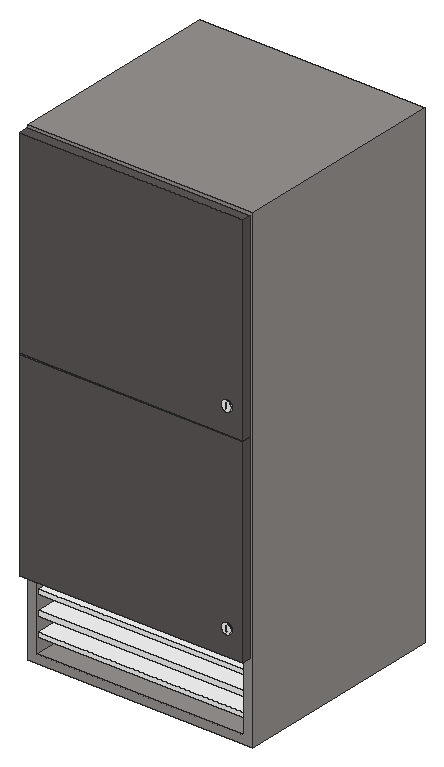
Revit family "Storage-Mounted-Teknion-BCHL_Cubic-with_Solid_Doors-High_Secondary-R2015", category Furniture, Revit 2015
Parameters (values of type "18"d x 18"w x 66"h")
  Warranty = "http://www.teknion.com/ca/papers/legal-canada"
  Unit Weight URL = "http://www.teknion.com/ca/tools/assets#&asset=bee6a381-b954-425e-8283-5a2de3a804f2,f828d448-4b62-4231-9e5f-9a8991c0ed77"
  URL = "www.teknion.com"
  Tray Offset [instance] = if(Height = 66.000", 1.526", 2.046")  # 1.526"
  Sustainability Data = "http://www.teknion.com/ca/tools/assets#&topic=216f99a5-57a0-44fc-b10a-9dee9b29ae4c&asset=444deb64-fe58-4b68-981e-f75e97781df7"
  Shelf Vertical Offset [instance] = if(Height = 66.000", 15.780", 17.858")  # 15.780"
  Shelf Finish [instance] = Mica - Teknion - V - Satin - Very White
  Series = "Expansion Casegoods"  # constant formula
  Semi-Opened [instance] = not(Fully Enclosed)  # no
  Second Lock Visibility [instance] = not([Semi-Opened])  # yes
  Second Drawer Visibility [instance] = not([Semi-Opened])  # yes
  Second Drawer Cut Hole Depth [instance] = if([Semi-Opened], 19.348", 0.500")  # 0.500"
  Product Page URL = "http://www.teknion.com/ca/products/product-details?productlineid=0053336e-8e7a-673b-a6c8-ff00004460c4"
  Product Line = "Expansion Casegoods"  # constant formula
  Product Documentation Link = "http://www.teknion.com/pricing/expansion-casegoods/pdfs/BCHL_ppg.pdf"
  Part Number = "BCHL"  # constant formula
  Model = "BCHL_181866"
  Manufacturer Phone = "416-661-3370"  # constant formula
  Manufacturer Fax = "416.661.4586"  # constant formula
  Manufacturer Contact Information = "http://www.teknion.com/ca/contactus"
  Manufacturer Address = "1150 Flint Road, Toronto, ON. M3J 2J5. Canada"  # constant formula
  Manufacturer = "Teknion"  # constant formula
  Height = 66.000"
  Fully Enclosed [instance] = yes
  Drawer Front Finish [instance] = Veneer - Teknion - VB - Flintwood - Black Walnut
  Description = "Cubic Tower w Solid Doors-High Sec Desk Mount,18\"d x 18\"w x 66\"h"
  Case Finish [instance] = Source Laminate - Teknion - DE - Latte
  Bottom Tray Offset [instance] = if(Height = 66.000", 1.833", 2.353")  # 1.833"
  Bottom Shelf Vertical Offset [instance] = if(Height = 66.000", 6.339", 8.421")  # 6.339"
  Assembly Code = "E2020200"
  Actual Height = if(Height = 66.000", 65.165", 71.406")  # 65.165"
Types (3): name | Tray Offset | Shelf Vertical Offset | Semi-Opened | Second Lock Visibility | Second Drawer Visibility | Second Drawer Cut Hole Depth | Model | Height | Fully Enclosed | Description | Bottom Tray Offset | Bottom Shelf Vertical Offset | Actual Height
  (no name) | 1.526" | 15.780" | no | yes | yes | 0.500" | "BCHL_181866" | 66.000" | yes | "Cubic Tower w Solid Doors-High Sec Desk Mount,18\"d x 18\"w x 66\"h" | 1.833" | 6.339" | 65.165"
  18"d x 18"w x 66"h | 1.526" | 15.780" | no | yes | yes | 0.500" | "BCHL_181866" | 66.000" | yes | "Cubic Tower w Solid Doors-High Sec Desk Mount,18\"d x 18\"w x 66\"h" | 1.833" | 6.339" | 65.165"
  18"d x 18"w x 72"h | 2.046" | 17.858" | yes | no | no | 19.348" | "BCHL_181872" | 72.000" | no | "Cubic Tower w Solid Doors-High Sec Desk Mount,18\"d x 18\"w x 72\"h" | 2.353" | 8.421" | 71.406"
Reference planes (in)
  plane 1 "Center Front/Back": y = 0
  plane 2: z = 0
  plane 3 "Center Left/Right": x = 0
  plane 4 "Left": x = -8.955
  plane 5 "Right": x = 8.955
  plane 6 "Back": y = 8.58071
  plane 7 "Front": y = -8.58071
  plane 8 "Top": z = 65.165
  plane 9: y = -8.7185
  plane 10: y = -9.41929
  plane 11: z = 49.26811
  plane 12: z = 49.15013
  plane 13: z = 33.37013
  plane 14: z = 33.311
  plane 15: z = 65.04689
  plane 16: x = -8.254
  plane 17: x = 8.254
  plane 18: y = 7.87971
  plane 19: z = 26.972
  plane 20: y = -11.4685
  plane 21: z = 31.857
  plane 22: z = 30.331
  plane 23: z = 28.805
Forms (in)
  Extrusion 1, solid, material "Source Laminate - Teknion - DE - Latte" <- "Case Finish"
    sketch origin (0, 0, 0) x (1, 0, 0) y (0, 1, 0)
      loop
        line (-8.955, 8.58071) -> (-8.955, -8.58071) -> (8.955, -8.58071) -> (8.955, 8.58071) -> (-8.955, 8.58071)
    from 26.972 to 65.165
  Extrusion 2, solid, material "Veneer - Teknion - VB - Flintwood - Black Walnut" <- "Drawer Front Finish"
    sketch origin (-8.955, -8.7185, 48) x (-1, 0, 0) y (0, 0, 1)
      loop
        line (-0.05906, 17.04689) -> (-17.85094, 17.04689) -> (-17.85094, 1.26811) -> (-0.05906, 1.26811) -> (-0.05906, 17.04689)
    from 0 to -0.70079
  Extrusion 3, solid, material "Mica - Teknion - V - Satin - Very White"
    sketch origin (-8.955, -9.41929, 48) x (-1, 0, 0) y (0, 0, 1)
      loop
        line (-16.62063, 3.50319) -> (-16.62063, 3.12917) -> (-16.5222, 3.12917) -> (-16.5222, 3.50319) -> (-16.62063, 3.50319)
      loop
        circle (-16.57142, 3.31618) r 0.40008
    from 0 to -0.05906
  Extrusion 4, solid, material "Mica - Teknion - V - Satin - Very White", visible <- "Second Lock Visibility"
    sketch origin (-8.955, -9.41929, 32.10272) x (-1, 0, 0) y (0, 0, 1)
      loop
        line (-16.62063, 3.50249) -> (-16.62063, 3.12847) -> (-16.5222, 3.12847) -> (-16.5222, 3.50249) -> (-16.62063, 3.50249)
      loop
        circle (-16.57142, 3.31548) r 0.40008
    from 0 to -0.05906
  Extrusion 5, solid, material "Veneer - Teknion - VB - Flintwood - Black Walnut" <- "Drawer Front Finish", visible <- "Second Drawer Visibility"
    sketch origin (-8.955, -8.7185, 30.04593) x (-1, 0, 0) y (0, 0, 1)
      loop
        line (-0.05906, 19.1042) -> (-17.85094, 19.1042) -> (-17.85094, 3.3242) -> (-0.05906, 3.3242) -> (-0.05906, 19.1042)
    from 0 to -0.70079
  Extrusion 6, void
    sketch origin (-8.955, -9.41929, 48) x (1, 0, 0) y (0, 0, 1)
      loop
        line (17.209, 1.15013) -> (0.701, 1.15013) -> (0.701, -13.98795) -> (17.209, -13.98795) -> (17.209, 1.15013)
    from 2.04921 to 1.54921
  Extrusion 7, void
    sketch origin (-8.955, -9.41929, 48) x (1, 0, 0) y (0, 0, 1)
      loop
        line (0.701, -14.689) -> (0.701, -20.32721) -> (17.209, -20.32721) -> (17.209, -14.689) -> (0.701, -14.689)
    from -18 to -0.83858
  Extrusion 8, solid, material "Mica - Teknion - V - Satin - Very White" <- "Shelf Finish"
    sketch origin (0, 0, 0) x (0, 1, 0) y (0, 0, 1)
      loop
        line (-8.4626, 32.2507) -> (-8.4626, 31.857) -> (1.37992, 31.857) -> (1.37992, 32.58535) -> (1.33268, 32.58535) -> (1.33268, 32.2507) -> (-8.4626, 32.2507)
    from -8.254 to 8.254
  Extrusion 9, solid, material "Mica - Teknion - V - Satin - Very White" <- "Shelf Finish"
    sketch origin (0, 0, -2.04626) x (0, 1, 0) y (0, 0, 1)
      loop
        line (-8.4626, 32.77096) -> (-8.4626, 32.37726) -> (1.37992, 32.37726) -> (1.37992, 33.10561) -> (1.33268, 33.10561) -> (1.33268, 32.77096) -> (-8.4626, 32.77096)
    from -8.254 to 8.254
  Extrusion 10, solid, material "Mica - Teknion - V - Satin - Very White" <- "Shelf Finish"
    sketch origin (0, 0, -4.09252) x (0, 1, 0) y (0, 0, 1)
      loop
        line (-8.4626, 33.29122) -> (-8.4626, 32.89752) -> (1.37992, 32.89752) -> (1.37992, 33.62587) -> (1.33268, 33.62587) -> (1.33268, 33.29122) -> (-8.4626, 33.29122)
    from -8.254 to 8.254
Cuts and joins
  Extrusion 6, Extrusion 7 cuts Extrusion 1
Lines and regions (in)
  Masking region 1
    outline origin (0, 0, 0) x (1, 0, 0) y (0, 1, 0)
      loop
        line (7.21649, -9.47835) -> (8.01649, -9.47835) -> (8.01649, -9.41929) -> (7.21649, -9.41929) -> (7.21649, -9.47835)
  Masking region 2
    outline origin (0, 0, 0) x (1, 0, 0) y (0, 1, 0)
      loop
        line (-8.955, 8.58071) -> (-8.955, -9.41929) -> (8.955, -9.41929) -> (8.955, 8.58071) -> (-8.955, 8.58071)
  symbolic lines, style "FurnitureHiddenLines", detail levels fine
    curve 1: arc (-7.49445, 7.27952, 0) -> (-6.99445, 6.77952, 0) -> (-6.49445, 7.27952, 0) r 0.5
    curve 2: arc (-6.49445, 7.27952, 0) -> (-6.99445, 7.77952, 0) -> (-7.49445, 7.27952, 0) r 0.5
    curve 3: arc (6.49445, 7.27952, 0) -> (6.99445, 6.77952, 0) -> (7.49445, 7.27952, 0) r 0.5
    curve 4: arc (7.49445, 7.27952, 0) -> (6.99445, 7.77952, 0) -> (6.49445, 7.27952, 0) r 0.5
    curve 5: arc (-6.49445, -8.02952, 0) -> (-6.99445, -7.52952, 0) -> (-7.49445, -8.02952, 0) r 0.5
    curve 6: arc (-7.49445, -8.02952, 0) -> (-6.99445, -8.52952, 0) -> (-6.49445, -8.02952, 0) r 0.5
    curve 7: arc (7.49445, -8.02952, 0) -> (6.99445, -7.52952, 0) -> (6.49445, -8.02952, 0) r 0.5
    curve 8: arc (6.49445, -8.02952, 0) -> (6.99445, -8.52952, 0) -> (7.49445, -8.02952, 0) r 0.5
    curve 15: line (8.254, 1.37992, 0) -> (-8.254, 1.37992, 0)
    curve 16: line (-8.254, 1.33268, 0) -> (8.254, 1.33268, 0)
    curve 17: line (-8.254, -8.4626, 0) -> (8.254, -8.4626, 0)
  symbolic lines, detail levels medium+fine
    curve 9: line (-8.955, -8.58071, 0) -> (8.955, -8.58071, 0)
  symbolic lines
    curve 10: line (8.955, -8.7185, 0) -> (-8.955, -8.7185, 0)
    curve 14: line (-8.955, -8.58071, 0) -> (8.955, -8.58071, 0)
  symbolic lines, style "FurnitureHiddenLines", detail levels medium+fine
    curve 11: line (8.254, 7.87971, 0) -> (-8.254, 7.87971, 0)
    curve 18: line (-8.254, 8.58071, 0) -> (-8.254, -8.58071, 0)
    curve 19: line (8.254, -8.58071, 0) -> (8.254, 8.58071, 0)
  symbolic lines, style "FurnitureHiddenLines", visible <- "Semi-Opened", detail levels medium+fine
    curve 12: line (8.254, -10.9685, 0) -> (-8.254, -10.9685, 0)
    curve 13: line (8.254, -8.58071, 0) -> (8.254, -10.9685, 0)
  symbolic lines, style "FurnitureHiddenLines"
    curve 20: line (8.955, -9.41929, 65.165) -> (-8.89594, -9.41929, 57.21656)
    curve 21: line (-8.89594, -9.41929, 57.21656) -> (8.955, -9.41929, 49.26811)
  symbolic lines, style "FurnitureHiddenLines", visible <- "Fully Enclosed"
    curve 22: line (8.955, -9.41929, 33.37013) -> (-8.89594, -9.41929, 41.26013)
    curve 23: line (-8.89594, -9.41929, 41.26013) -> (8.89594, -9.41929, 49.15013)
Dimensions and locks (in)
  locked: plane 4 "Left" to plane 5 "Right" at 17.91
  locked: plane 6 "Back" to plane 7 "Front" at 17.16142
  "Actual Height": plane 8 "Top" to level
  equal spacing: plane 4 "Left", plane 3 "Center Left/Right", plane 5 "Right"
  equal spacing: plane 7 "Front", plane 1 "Center Front/Back", plane 6 "Back"
  locked: plane 9 to plane 10 at 0.70079
  locked: plane 7 "Front" to plane 9 at 0.1378
  locked: plane 8 "Top" to plane 15 at 0.11811
  locked: plane 13 to plane 14 at 0.05913
  locked: plane 16 to plane 4 "Left" at 0.701
  locked: plane 17 to plane 5 "Right" at 0.701
  locked: plane 18 to plane 6 "Back" at 0.701
  locked: Extrusion 3 sketch curve to plane 11 at 2.04807
  locked: Extrusion 3 sketch curve to plane 5 "Right" at 1.33858
  Extrusion 3 sketch curve to Extrusion 3 sketch curve to plane 11 = 0.37402" locked, 1.86106" locked
  Extrusion 3 sketch curve to Extrusion 3 sketch curve to plane 5 "Right" = 0.09843" locked, 1.28937" locked
  locked: Extrusion 3 to plane 10 at 0.05906
  Extrusion 4 sketch curve to Extrusion 4 sketch curve to plane 13 = 0.37402" locked, 1.86106" locked
  Extrusion 4 sketch curve to Extrusion 4 sketch curve to plane 5 "Right" = 0.09843" locked, 1.28937" locked
  locked: Extrusion 4 sketch curve to plane 5 "Right" at 1.33858
  Masking region 1 sketch curve to Masking region 1 sketch curve to plane 5 "Right" = 0.800" locked, 0.93851" locked
  locked: plane 19 to plane 2 at 26.972
  locked: Extrusion 2 sketch curve to plane 4 "Left" at 0.05906
  locked: Extrusion 2 sketch curve to plane 5 "Right" at 0.05906
  locked: plane 8 "Top" to Extrusion 2 sketch curve at 0.11811
  locked: plane 11 to plane 12 at 0.11798
  locked: Extrusion 5 sketch curve to plane 4 "Left" at 0.05906
  locked: Extrusion 5 sketch curve to plane 5 "Right" at 0.05906
  locked: plane 10 to plane 20 at 2.04921
  "Second Drawer Cut Hole Depth": Extrusion 6 to plane 20
  locked: Extrusion 7 sketch curve to plane 19 at 0.70079
  "Bottom Shelf Vertical Offset": plane 14 to plane 19
  "Shelf Vertical Offset": plane 12 to plane 13
  locked: Extrusion 6 sketch curve to plane 13 at 0.64192
  Extrusion 8 sketch curve to Extrusion 8 sketch curve to plane 21 = 0.33465" locked, 0.3937" locked
  Extrusion 8 sketch curve to Extrusion 8 sketch curve to Extrusion 8 sketch curve to plane 7 "Front" = 0.04724" locked, 9.79528" locked, 0.11811" locked
  Extrusion 9 sketch curve to Extrusion 9 sketch curve to plane 22 = 0.33465" locked, 0.3937" locked
  Extrusion 9 sketch curve to Extrusion 9 sketch curve to Extrusion 9 sketch curve to plane 7 "Front" = 0.04724" locked, 9.79528" locked, 0.11811" locked
  Extrusion 10 sketch curve to Extrusion 10 sketch curve to plane 23 = 0.33465" locked, 0.3937" locked
  Extrusion 10 sketch curve to Extrusion 10 sketch curve to Extrusion 10 sketch curve to plane 7 "Front" = 0.04724" locked, 9.79528" locked, 0.11811" locked
  locked: Extrusion 4 to plane 10 at 0.05906
  "Bottom Tray Offset": plane 23 to plane 19
  "Tray Offset": plane 23 to plane 22
  "Tray Offset": plane 22 to plane 21
  equal spacing: plane 8 "Top", curve 21, plane 11
  equal spacing: plane 12, curve 23, Extrusion 5
  aligned and locked: level to plane 2
  aligned and locked: Extrusion 1 sketch curve to plane 4 "Left"
  aligned and locked: Extrusion 1 sketch curve to plane 6 "Back"
  aligned and locked: Extrusion 1 sketch curve to plane 5 "Right"
  aligned and locked: Extrusion 1 sketch curve to plane 7 "Front"
  aligned and locked: plane 8 "Top" to Extrusion 1
  aligned and locked: plane 11 to Extrusion 2 sketch curve
  aligned and locked: Extrusion 2 to plane 10
  aligned and locked: plane 9 to Extrusion 2
  aligned and locked: Extrusion 2 to plane 9
  aligned and locked: Extrusion 3 to plane 10
  aligned and locked: Masking region 1 sketch curve to plane 10
  aligned and locked: Masking region 2 sketch curve to plane 6 "Back"
  aligned and locked: Masking region 2 sketch curve to plane 4 "Left"
  aligned and locked: Masking region 2 sketch curve to plane 5 "Right"
  aligned and locked: Masking region 2 sketch curve to plane 10
  aligned and locked: Extrusion 1 to plane 19
  aligned and locked: curve 11 to plane 18
  aligned and locked: Extrusion 5 sketch curve to plane 13
  aligned and locked: plane 12 to Extrusion 5 sketch curve
  aligned and locked: curve 10 to plane 9
  aligned and locked: curve 9 to plane 7 "Front"
  aligned and locked: Extrusion 6 sketch curve to plane 17
  aligned and locked: Extrusion 6 sketch curve to plane 12
  aligned and locked: Extrusion 6 sketch curve to plane 16
  aligned and locked: plane 20 to Extrusion 6
  aligned and locked: curve 12 to cut or joined group of Extrusion 1, Extrusion 6, Extrusion 7
  aligned and locked: cut or joined group of Extrusion 1, Extrusion 6, Extrusion 7 to curve 13
  aligned and locked: Extrusion 7 sketch curve to plane 14
  aligned and locked: plane 16 to Extrusion 7 sketch curve
  aligned and locked: Extrusion 7 sketch curve to plane 17
  aligned and locked: plane 7 "Front" to Extrusion 7
  aligned and locked: plane 6 "Back" to Extrusion 7
  aligned and locked: Extrusion 8 to plane 16
  aligned and locked: Extrusion 8 to plane 17
  aligned and locked: Extrusion 9 to plane 16
  aligned and locked: Extrusion 10 to plane 16
  aligned and locked: plane 16 to Extrusion 8
  aligned and locked: plane 17 to Extrusion 8
  aligned and locked: Extrusion 9 to plane 17
  aligned and locked: Extrusion 10 to plane 17
  aligned and locked: Extrusion 5 to plane 10
  aligned and locked: plane 9 to Extrusion 5
  aligned and locked: plane 10 to Extrusion 4
  aligned and locked: plane 10 to Masking region 1
  aligned and locked: curve 14 to cut or joined group of Extrusion 1, Extrusion 6, Extrusion 7
  aligned and locked: plane 21 to Extrusion 8 sketch curve
  aligned and locked: plane 22 to Extrusion 9 sketch curve
  aligned and locked: plane 23 to Extrusion 10 sketch curve
  aligned and locked: curve 15 to Extrusion 8
  aligned and locked: curve 16 to Extrusion 8
  aligned and locked: curve 17 to Extrusion 8
  aligned and locked: curve 18 to cut or joined group of Extrusion 1, Extrusion 6, Extrusion 7
  aligned and locked: curve 19 to cut or joined group of Extrusion 1, Extrusion 6, Extrusion 7
  aligned and locked: nested 1 to plane 10
  aligned and locked: nested 1 to plane 3 "Center Left/Right"
  aligned and locked: cut or joined group of Extrusion 1, Extrusion 6, Extrusion 7 to curve 20
  aligned and locked: curve 20 to Extrusion 2
  aligned and locked: curve 21 to plane 11
  aligned and locked: plane 5 "Right" to curve 21
  aligned and locked: curve 22 to Extrusion 5
  aligned and locked: curve 22 to plane 13
  aligned and locked: plane 5 "Right" to curve 22
  aligned and locked: curve 23 to Extrusion 5
  aligned and locked: Extrusion 5 to curve 23
Automatic sketch dimensions
  curve 10 to plane 4 "Left" = 0.000"
  curve 9 to plane 4 "Left" = 0.000"
  curve 12 to plane 16 = 0.000"
  curve 9 to plane 5 "Right" = 0.000"
  curve 10 to plane 5 "Right" = 0.000"
  curve 6 to plane 7 "Front" = 0.55119"
  plane 16 to curve 6 = 1.25955"
  plane 18 to curve 2 = 0.60019"
  plane 16 to curve 2 = 1.25955"
  plane 18 to curve 4 = 0.60019"
  plane 17 to curve 4 = 1.25955"
  curve 8 to plane 7 "Front" = 0.55119"
  plane 17 to curve 8 = 1.25955"
  curve 5 to curve 5 = 0.500"
  curve 1 to curve 1 = 0.500"
  curve 4 to curve 3 = 0.500"
  curve 8 to curve 7 = 0.500"
  Extrusion 4 sketch curve to Extrusion 4 sketch curve = 0.18701"
  Masking region 1 sketch curve to Masking region 1 sketch curve = 0.05906"
  curve 14 to plane 4 "Left" = 0.000"
  curve 14 to plane 5 "Right" = 0.000"
  curve 17 to plane 17 = 0.000"
  curve 18 to plane 6 "Back" = 0.000"
  curve 19 to plane 6 "Back" = 0.000"
  curve 17 to plane 16 = 0.000"
  curve 20 to plane 8 "Top" = 0.000"
  radius of Extrusion 3 sketch curve = 0.40008"
  radius of Extrusion 4 sketch curve = 0.40008"
Nested families (in)
  nested 1: "Door-Swing_Symbol-Teknion-2D" at (0, -9.41929, 66.075) x (-1, 0, 0) z (0, 0, 1), type "Door-Swing_Symbol-Teknion-2D", detail levels fine
    with Swing Width 17.910"
Definition of nested family "Door-Swing_Symbol-Teknion-2D"
  Parameters (values of type "Door-Swing_Symbol-Teknion-2D")
    Swing Width [instance] = 13.4325"
  Reference planes (in)
    plane 1 "Center (Front/Back)": y = 0
    plane 2: z = 0
    plane 3 "Center (Left/Right)": x = 0
    plane 4: x = -6.71625
    plane 5: x = 6.71625
  Lines and regions (in)
    detail lines, in view "Ref. Level"
      curve 1: line (6.71625, 0, 0) -> (6.71625, -13.4325, 0)
      curve 2: arc (-6.71625, 0, 0) -> (-2.78196, -9.49821, 0) -> (6.71625, -13.4325, 0) r 13.4325
  Dimensions and locks (in)
    equal spacing: plane 4, plane 3 "Center (Left/Right)", plane 5
    "Swing Width": plane 4 to plane 5
    "Swing Width": curve 1 to plane 1 "Center (Front/Back)"
    "Swing Width": radius of curve 2
    aligned and locked: plane 1 "Center (Front/Back)" to curve 1
  Automatic sketch dimensions
    curve 2 to plane 4 = 0.000"
